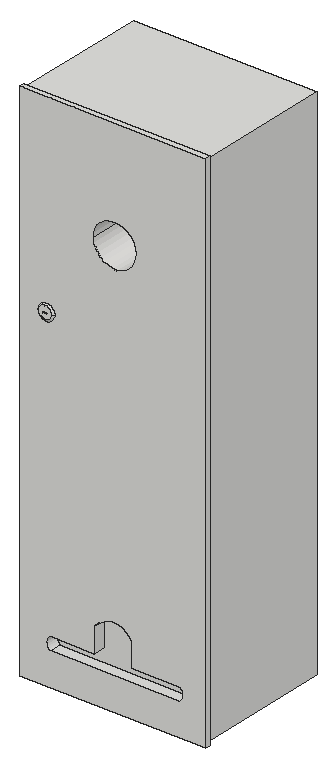
Revit family "Wall Mounted Stainless Steel 2 In 1 Sanitary Napkin Disposal For Toilet_IN", category Generic Models, Revit 2017
Family settings
  Can host rebar = No
  Round Connector Dimension = Use Diameter
  Part Type = Normal
  Work Plane-Based = Yes
  Always vertical = No
  Cut with Voids When Loaded = Yes
  Shared = No
  Room Calculation Point = No
Parameters
  Website = "+91 9520202035"  # constant formula
  Model = "DSND0004"  # constant formula
  Default Elevation = 1219.2 mm
  Contact number = "+91 9520202035"  # constant formula
  Contact email = "info@dolphy.in"  # constant formula
  Company name = "Dolphy India"  # constant formula
Reference planes
  plane 1 "Center (Front/Back)": y = 0
  plane 2: z = 0
  plane 3 "Center (Left/Right)": x = 0
  plane 4: z = 490
  plane 5: x = -86.3
  plane 6: x = 318.48
  plane 7: z = 0
Forms (mm)
  Extrusion 1, solid, material "Stainless Steel"
    sketch origin (71.7, 0, 233.75) x (1, 0, 0) y (0, 0, 1)
      loop
        line (-158, 256.25) -> (-158, -233.75) -> (14.6, -233.75) -> (14.6, 256.25) -> (-158, 256.25)
    from 125.956 to 130
  Extrusion 2, solid, material "Stainless Steel"
    sketch origin (74.793, 117.022, 510.4) x (1, 0, 0) y (0, 0, 1)
      loop
        line (-159.793, -22.897) -> (-159.793, -506.963) -> (9.816, -506.963) -> (9.816, -22.897) -> (-159.793, -22.897)
    from 117.022 to 242.978
  Extrusion 3, void
    sketch origin (26.584, -13.272, -1.29) x (1, 0, 0) y (0, 0, 1)
      loop
        circle (-24.849, 389.157) r 20
    from 67.632 to 130
  Blend 4, solid, material "Stainless Steel"
    base sketch origin (68.511, -13.272, 87.472) x (1, 0, 0) y (0, 0, 1)
      loop
        circle (-130.379, 223.087) r 7.525
    top sketch origin (68.511, -13.272, 87.472) x (1, 0, 0) y (0, 0, 1)
      loop
        circle (-130.379, 223.087) r 5.997
    from 116.728 to 118.156
  Extrusion 5, void
    sketch origin (68.823, -13.272, 87.472) x (1, 0, 0) y (0, 0, 1)
      loop
        line (-133.018, 223.476) -> (-133.018, 222.286) -> (-127.938, 222.286) -> (-127.938, 223.476) -> (-133.018, 223.476)
    from 112.683 to 118.156
  Extrusion 6, void
    sketch origin (98.676, 0, -265) x (1, 0, 0) y (0, 0, 1)
      loop
        line (-115.965, 307.532) -> (-156.63, 307.532)
        spline (-156.63, 307.532) -> (-157.598, 306.498) -> (-158.39, 305.462) -> (-159.006, 304.425) -> (-159.446, 303.385) -> (-159.71, 302.344) -> (-159.798, 301.301) -> (-159.71, 300.255) -> (-159.446, 299.208) -> (-159.006, 298.159) -> (-158.39, 297.108) -> (-157.598, 296.055) -> (-156.63, 295)
        line (-156.63, 295) -> (-36.983, 295)
        spline (-36.983, 295) -> (-36.03, 296.041) -> (-35.25, 297.085) -> (-34.643, 298.131) -> (-34.21, 299.18) -> (-33.95, 300.231) -> (-33.863, 301.285) -> (-33.95, 302.341) -> (-34.21, 303.399) -> (-34.643, 304.46) -> (-35.25, 305.523) -> (-36.03, 306.589) -> (-36.983, 307.657)
        line (-36.983, 307.657) -> (-81.339, 307.657) -> (-81.339, 330.055)
        spline (-81.339, 330.055) -> (-84.144, 333.005) -> (-86.964, 335.419) -> (-89.798, 337.296) -> (-92.647, 338.637) -> (-95.51, 339.442) -> (-98.388, 339.71) -> (-101.281, 339.442) -> (-104.188, 338.637) -> (-107.111, 337.296) -> (-110.047, 335.419) -> (-112.999, 333.005) -> (-115.965, 330.055)
        line (-115.965, 330.055) -> (-115.965, 307.532)
    from 118.834 to 130
Cuts and joins
  Extrusion 3, Extrusion 5, Extrusion 6 cuts Extrusion 1
  Extrusion 3, Extrusion 5, Extrusion 6 cuts Extrusion 2
  Extrusion 5, Extrusion 6 cuts Blend 4
  joined: Extrusion 1, Extrusion 2, Blend 4
Dimensions and locks
  aligned and locked: level to plane 2
